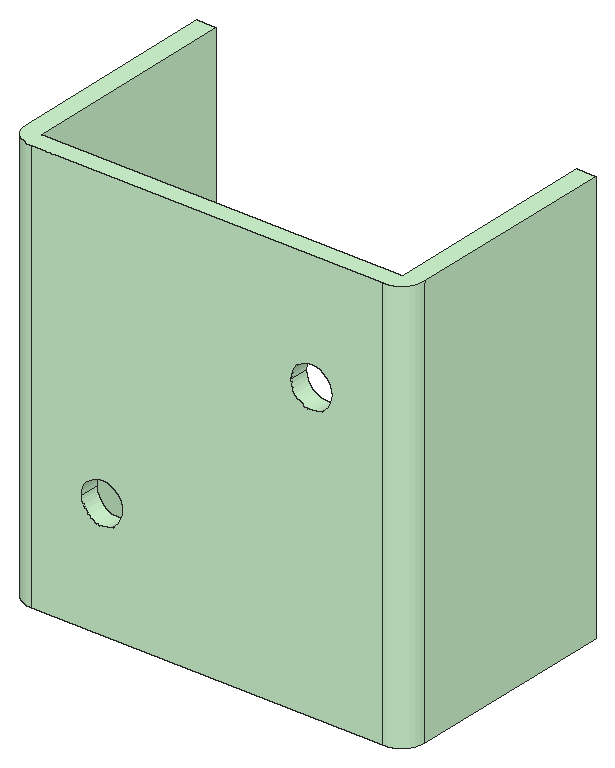
Revit family "zikazuricross", category 機械設備, Revit 2022
Family settings
  丸型コネクタ寸法 = 直径を使用
  種別 = なし
  パーツ タイプ = 標準
  作業面ベース = いいえ
  常に垂直 = はい
  ロード時にボイドで切り取り = いいえ
  注釈の向きを維持 = いいえ
  共有 = いいえ
  部屋計算ポイント = いいえ
Parameters
  製造元 = "株式会社桐井製作所"
  既定の高さ = 0 mm
  URL = "https://www.kirii.co.jp/"
  K_材質 = "溶融亜鉛めっき鋼板及び鋼帯 SGCC 一般用"
  K_品名 = "直吊りクロス"
  K_名称 = "ブレース下部金具"
  K_入数 = "500"
  K_バージョン情報 = "20220411"
  K_めっき付着量 = "Z12"
  K_JIS規格 = "JIS G 3302"
Reference planes
  plane 1 "中心(正面/背面)": y = 0
  plane 2: z = 0
  plane 3 "中心(左/右)": x = 0
Forms (mm)
  Extrusion 1, solid
    sketch origin (0, 0, 0) x (1, 0, 0) y (0, 1, 0)
      loop
        line (-15.25, 1.6) -> (-15.25, 20) -> (-16.85, 20) -> (-16.85, 2)
        arc (-16.85, 2) -> (-16.264, 0.586) -> (-14.85, 0) r 2
        line (-14.85, 0) -> (14.85, 0)
        arc (14.85, 0) -> (16.264, 0.586) -> (16.85, 2) r 2
        line (16.85, 2) -> (16.85, 20) -> (15.25, 20) -> (15.25, 1.6) -> (-15.25, 1.6)
    from 0 to 35
  Extrusion 2, void
    sketch origin (0, 0, 0) x (1, 0, 0) y (0, 0, 1)
      loop
        circle (-8.85, 10) r 1.75
      loop
        circle (8.85, 25) r 1.75
    from -1.6 to 0
Cuts and joins
  Extrusion 2 cuts Extrusion 1
Dimensions and locks
  aligned and locked: level to plane 2
